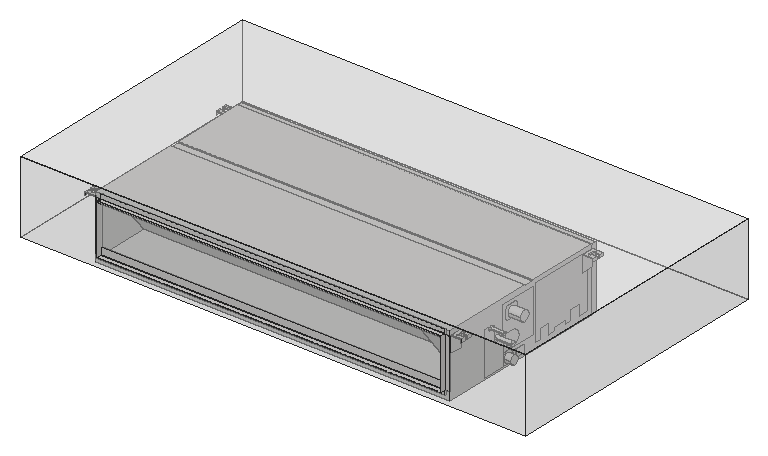
Revit family "outputfile", category 機械設備, Revit 2024
Family settings
  丸型コネクタ寸法 = 半径を使用
  パーツ タイプ = 標準
  OmniClass 番号 = 23.75.10.24.21.27.27
  OmniClass タイトル = Split System Air Conditioning Units
  作業面ベース = いいえ
  常に垂直 = はい
  ロード時にボイドで切り取り = いいえ
  注釈の向きを維持 = いいえ
  共有 = いいえ
  部屋計算ポイント = はい
Parameters (values of type "FBFC140AXVA")
  Description = ""
  書き出し IFC クラス(タイプ) = "IfcUnitaryEquipmentType"
  定義済み IFC タイプ(タイプ) = "AIRCONDITIONINGUNIT"
  Cost = 0
  Type Comments = ""
  Keynote = ""
  Type Image = (empty or 0)
  Assembly Code = ""
  switch_frequency = yes
  connector_voltage = Voltage_60Hz  # 0 V
  connector_powerinput = [Power Input (Cooling)]  # 0.000 kW
  connector_phase = Phase_60Hz  # 1
  URL = ""
  Supply Air Direction [instance] = yes
  製造元 = "Daikin"
  モデル = "FBFC140AXVA"
  w_pipe = 33 mm
  r_Liquid Pipe Size = Liquid Pipe Size / 2  # 4.75 mm
  r_Gas Pipe Size = Gas Pipe Size / 2  # 7.95 mm
  r_Drain Pipe Size = Drain Pipe Size / 2  # 16.0 mm
  lw_powersupply = Width / 2  # 700 mm
  lw_ductflange2 = 1362 mm
  lw_Width = 1362 mm
  lh_suctionflange [instance] = 100 mm
  ld_suctionflange [instance] = 190 mm
  ld_powersupply = 263 mm
  angle_vertical_RA [instance] = 90.00°
  angle horizontal_RA [instance] = 180.00°
  Voltage_comment_60Hz = "220 - 240"
  Voltage_60Hz = 0 V
  Sound Power Level_H speed (dB) = 0
  RA_length = 190 mm  # constant formula
  Phase_60Hz = 1
  Minimum External Static Pressure = 27.00 Pa
  Minimum Circuit Amps_60Hz = 0.0 A
  Maximum Fuse Amps_60Hz = 0.0 A
  Maximum External Static Pressure = 80.00 Pa
  Material_Casing = DAIKIN_GalvanizedSteel_Casing_indoorunit
  lw_liquidpipe = 757.9 mm
  lw_gaspipe = 767.5 mm
  lw_mountinghole_pitch = 1446 mm
  lw_mountinghole = 20 mm
  lw_drainpipe = 726 mm
  lh_powersupply = 43.2 mm
  lh_liquidpipe = 175 mm
  lh_gaspipe = 128 mm
  lh_mountinghole = Height + [h***] - 15 mm  # 235 mm
  lh_drainpipe = 29 mm
  lh_antena = (Height - lh_mountinghole) + 1 mm  # 16 mm
  ld_liquidpipe = 153 mm
  ld_gaspipe = 123 mm
  ld_mountinghole_pitch = 651 mm
  ld_drainpipe = 64 mm
  ld_controlbox = 626 mm
  h*** = 0 mm  # constant formula
  d_dischargeflange = 20 mm  # constant formula
  Width = 1400 mm
  Version = "ver.1.0"
  Unit Type = "M.S.P. Duct"
  Unit Mass Weight = 42.00 kg
  Unit Designation [instance] = ""
  Uniclass2015Version = "Products v1.30"
  Uniclass2015Title = "Split coil room air conditioning units"
  Uniclass2015Code = "Pr_70_65_03_86"
  Total Cooling Capacity [instance] = 0.000 kW
  Sound Pressure Level_M speed (dBA) = 39
  Sound Pressure Level_L speed (dBA) = 36
  Sound Pressure Level_H speed (dBA) = 42
  Series = "SkyAir_Fan Coil Unit"
  Sensible Cooling Capacity [instance] = 0.000 kW
  SA Duct Size Width = 1362 mm
  SA Duct Size Height = 200 mm
  Refrigerant Type = "R32"
  RA Duct Size Width = 1362 mm
  RA Duct Size Height = 214 mm
  Power Input (Cooling) = 0.000 kW
  Option Accessory 3 [instance] = ""
  Option Accessory 2 [instance] = ""
  Option Accessory 1 [instance] = ""
  Nominal Cooling Capacity = 14.000 kW
  Minimum Airflow = 1570.00 m³/h
  Median Airflow = 1870.00 m³/h
  Maximum Airflow = 2150.00 m³/h
  Load Classification = HVAC
  Liquid Pipe Size = 9.5 mm
  Link_Nested Family [instance] = ""
  IfcVersion = ""
  IfcExportType = "AIRCONDITIONINGUNIT"
  IfcExportAs = "IfcUnitaryEquipmentType"
  Height = 250 mm
  Heat Exchanger Type = "Cross Fin Coil"
  Gas Pipe Size = 15.9 mm
  Frequency_60Hz = 60 Hz
  Fan Type = "Sirocco Fan"
  Fan Drive = "Direct Drive"
  FCU Tag No. [instance] = ""
  Drain Pipe Size = 32.0 mm
  Design Supply Airflow [instance] = 0.00 m³/h
  Design Return Airflow [instance] = 0.00 m³/h
  Design External Static Pressure [instance] = 0.00 Pa
  Depth = 700 mm
  既定の高さ = 0 mm
  Cooling Entering Wet Bulb Temperature [instance] = 0.00 °C
  Cooling Entering Dry Bulb Temperature [instance] = 0.00 °C
  Cooling Ambient Wet Bulb Temperature [instance] = 0.00 °C
  Cooling Ambient Dry Bulb Temperature [instance] = 0.00 °C
  Clearance visibility [instance] = yes
  Clearance Top = 20 mm
  Clearance Right = 300 mm
  Clearance Rear = 400 mm
  Clearance Left = 300 mm
  Clearance Front = 0 mm
  Clearance Bottom = 20 mm
Reference planes
  plane 1 "Center (Front/Back)": y = 0
  plane 2: z = 0
  plane 3 "Center (Left/Right)": x = 0
  plane 4 "Back": y = 350
  plane 5 "Front": y = -350
  plane 6 "Left": x = -700
  plane 7 "Right": x = 700
  plane 8 "Top": z = 0
  plane 9 "Bottom": z = -250
  plane 10: x = 681
  plane 11: x = -680.2
  plane 12: z = -72
  plane 13: z = -75
  plane 14: z = -122
  plane 15: x = -304
  plane 16: x = 304
  plane 17: x = -723
  plane 18: x = 723
  plane 19: x = 757.9
  plane 20: x = 767.5
  plane 21: z = -15
  plane 22 "Clearance Left": x = -1000
  plane 23 "Clearance Right": x = 1000
  plane 24 "Clearance Rear": y = 750
  plane 25 "Clearance Front": y = -350
  plane 26 "Clearance Bottom": z = -270
  plane 27: z = -21
  plane 28: z = -221
  plane 29: y = -123
  plane 30: y = -153
  plane 31: y = -30
  plane 32: y = -64
  plane 33: z = -118
  plane 34: y = -349.2
  plane 35: z = -150
  plane 36: y = 160
  plane 37: z = -151
  plane 38: x = 726
  plane 39: x = 695
  plane 40: x = 565.5
  plane 41: z = 102.5
  plane 42: y = 325.5
  plane 43: y = -325.5
  plane 44: y = 17.5
  plane 45: y = 57
  plane 46: x = 703.2
  plane 47: x = 705.2
  plane 48: y = -370
  plane 49: y = 390
  plane 50: z = -125
  plane 51: z = -70.5
  plane 52: z = -75.133
  plane 53: z = -75.5
  plane 54: z = -126.5
  plane 55: z = -239.8
  plane 56: z = -22.5
  plane 57: z = -192.5
  plane 58: z = -16
  plane 59 "Clearance Top": z = 20
  plane 60: z = -206.8
  plane 61: y = 263
  plane 62: y = -200
  plane 63: y = -300
  plane 64: y = -140
Forms (mm)
  Extrusion 1, solid, material "DAIKIN_GalvanizedSteel_Casing_indoorunit" <- "Material_Casing"
    sketch origin (0, 0, 0) x (1, 0, 0) y (0, 1, 0)
      loop
        line (-700, -349.2) -> (700, -349.2) -> (700, 350) -> (-700, 350) -> (-700, -349.2)
    from -250 to 0
  Extrusion 2, void
    sketch origin (0, 0, 1) x (1, 0, 0) y (0, 1, 0)
      loop
        line (-700, 57) -> (-700, 17.5) -> (700, 17.5) -> (700, 57) -> (-700, 57)
    from -1 to -5
  Extrusion 3, void
    sketch origin (0, 0, 0) x (0, 1, 0) y (0, 0, 1)
      loop
        line (-91.914, -222) -> (-91.914, -246.5) -> (-36.314, -246.5) -> (-36.314, -219.481)
        arc (-36.314, -219.481) -> (-65.261, -194.229) -> (-91.8, -222) r 27.8
    from 700 to 695
  Revolve 4, solid, material "DAIKIN_GalvanizedSteel_Casing_indoorunit" <- "Material_Casing"
    sketch origin (0, 0, -122) x (0, -1, 0) y (1, 0, 0)
      loop
        line (115.05, 700) -> (123, 700) -> (123, 767.5) -> (115.05, 767.5) -> (115.05, 700)
      axis (123, 700) -> (123, 767.5)
    angle from 0 to 360
  Revolve 5, solid, material "DAIKIN_GalvanizedSteel_Casing_indoorunit" <- "Material_Casing"
    sketch origin (0, 0, -75) x (0, -1, 0) y (1, 0, 0)
      loop
        line (153, 700) -> (153, 757.9) -> (148.25, 757.9) -> (148.25, 700) -> (153, 700)
      axis (153, 757.9) -> (153, 700)
    angle from 0 to 360
  Extrusion 6, solid, material "DAIKIN_GalvanizedSteel_Casing_indoorunit" <- "Material_Casing"
    sketch origin (0, 0, 0) x (0, 1, 0) y (0, 0, 1)
      loop
        circle (-64, -221) r 16
    from 726 to 700
  Extrusion 7, solid, material "DAIKIN_GalvanizedSteel_Casing_indoorunit" <- "Material_Casing"
    sketch origin (0, 0, 0) x (0, 1, 0) y (0, 0, 1)
      loop
        line (-180, -70.5) -> (-180, -239.8) -> (-95, -239.8) -> (-95, -126.5) -> (-107, -126.5)
        arc (-107, -126.5) -> (-121.5, -141) -> (-136, -126.5) r 14.5
        line (-136, -126.5) -> (-136, -75.5) -> (-141.006, -75.5)
        arc (-141.006, -75.5) -> (-153.184, -87.131) -> (-165, -75.133) r 12
        line (-165, -75.133) -> (-165, -70.5) -> (-180, -70.5)
      loop
        line (-92, -22.5) -> (-92, -192.5) -> (54, -192.5) -> (54, -22.5) -> (-92, -22.5)
      loop
        line (71, -16) -> (71, -224.802) -> (87.805, -224.802) -> (87.805, -184.607) -> (134.195, -184.606) -> (134.195, -224.802) -> (161, -224.802) -> (161, -212.302) -> (221, -212.303) -> (221, -224.802) -> (239.805, -224.802) -> (239.805, -184.606) -> (286.195, -184.606) -> (286.195, -224.802) -> (321.994, -224.802) -> (321.994, -82) -> (298.5, -82) -> (298.5, -16) -> (71, -16)
    from 700 to 703.2
  Extrusion 8, solid, material "DAIKIN_GalvanizedSteel_Casing_indoorunit" <- "Material_Casing"
    sketch origin (0, 0, 0) x (0, 1, 0) y (0, 0, 1)
      loop
        line (-27.5, -74.5) -> (-27.5, -41.5)
        arc (-27.5, -41.5) -> (-30.136, -35.136) -> (-36.5, -32.5) r 9
        line (-36.5, -32.5) -> (-69.5, -32.5)
        arc (-69.5, -32.5) -> (-75.864, -35.136) -> (-78.5, -41.5) r 9
        line (-78.5, -41.5) -> (-78.5, -74.5)
        arc (-78.5, -74.5) -> (-75.864, -80.864) -> (-69.5, -83.5) r 9
        line (-69.5, -83.5) -> (-36.5, -83.5)
        arc (-36.5, -83.5) -> (-30.136, -80.864) -> (-27.5, -74.5) r 9
      loop
        arc (8, -234.5) -> (9.415, -233.914) -> (10.001, -232.499) r 2.001
        line (10.001, -232.499) -> (9.997, -206.503)
        arc (9.997, -206.503) -> (9.412, -205.091) -> (8, -204.506) r 1.997
        line (8, -204.506) -> (-25.997, -204.506)
        arc (-25.997, -204.506) -> (-27.415, -205.094) -> (-28.002, -206.511) r 2.005
        line (-28.002, -206.511) -> (-28.002, -232.499)
        arc (-28.002, -232.499) -> (-27.416, -233.914) -> (-26.001, -234.5) r 2.001
        line (-26.001, -234.5) -> (8, -234.5)
      loop
        arc (-77.358, -152.358) -> (-25.548, -177.591) -> (-59.394, -130.95) r 29.7
        arc (-59.394, -130.95) -> (-62.843, -131.688) -> (-66.339, -131.219) r 10.3
        line (-66.339, -131.219) -> (-72.946, -129.136)
        arc (-72.946, -129.136) -> (-80.627, -131.374) -> (-81.498, -139.327) r 7.2
        line (-81.498, -139.327) -> (-78.299, -145.472)
        arc (-78.299, -145.472) -> (-77.23, -148.833) -> (-77.358, -152.358) r 10.3
    from 700 to 705.2
  Extrusion 9, solid, material "DAIKIN_GalvanizedSteel_Casing_indoorunit" <- "Material_Casing"
    sketch origin (0, 0, 0) x (0, 1, 0) y (0, 0, 1)
      loop
        circle (-53, -58) r 18.9
    from 700 to 757.9
  Extrusion 10, void
    sketch origin (0, 0, 0) x (0, 1, 0) y (0, 0, 1)
      loop
        line (-350, -18.8) -> (-350, -217.2) -> (-200, -217.2) -> (-349.2, -18.8) -> (-350, -18.8)
    from -680.2 to 681
  Extrusion 11, void
    sketch origin (0, 0, 0) x (0, 1, 0) y (0, 0, 1)
      loop
        line (-350, -18.8) -> (-350, -217.2) -> (-140, -217.2) -> (-300, -18.8) -> (-350, -18.8)
    from -680.2 to 565.5
Cuts and joins
  Extrusion 2, Extrusion 3, Extrusion 10, Extrusion 11 cuts Extrusion 1
  joined: Extrusion 7, Extrusion 8, Extrusion 9
Dimensions and locks
  "Height": plane 8 "Top" to plane 9 "Bottom"
  equal spacing: plane 15, plane 3 "Center (Left/Right)", plane 16, locked at 304 each
  locked: plane 15 to plane 16 at 608
  equal spacing: plane 17, plane 3 "Center (Left/Right)", plane 18
  "lw_mountinghole_pitch": plane 17 to plane 18
  locked: plane 12 to plane 9 "Bottom" at 178
  "lh_liquidpipe": plane 13 to plane 9 "Bottom"
  "lh_gaspipe": plane 14 to plane 9 "Bottom"
  "lh_mountinghole": plane 21 to plane 9 "Bottom"
  equal spacing: plane 6 "Left", plane 3 "Center (Left/Right)", plane 7 "Right"
  "Width": plane 6 "Left" to plane 7 "Right"
  "Clearance Right": plane 7 "Right" to plane 23 "Clearance Right"
  "Clearance Left": plane 22 "Clearance Left" to plane 6 "Left"
  "Clearance Rear": plane 24 "Clearance Rear" to plane 4 "Back"
  "Clearance Front": plane 5 "Front" to plane 25 "Clearance Front"
  locked: plane 8 "Top" to plane 27 at 21
  "Depth": plane 4 "Back" to plane 5 "Front"
  equal spacing: plane 4 "Back", plane 1 "Center (Front/Back)", plane 5 "Front"
  "ld_suctionflange": plane 4 "Back" to plane 36
  locked: plane 37 to plane 9 "Bottom" at 99
  plane 7 "Right" to plane 40 = 134.5 mm
  "r_Gas Pipe Size": nested 6 to Revolve 4 sketch curve
  "r_Liquid Pipe Size": nested 5 to Revolve 5 sketch curve
  equal spacing: plane 42, plane 1 "Center (Front/Back)", plane 43
  "ld_mountinghole_pitch": plane 42 to plane 43
  locked: plane 33 to plane 9 "Bottom" at 132
  "lw_liquidpipe": plane 3 "Center (Left/Right)" to plane 19
  "lw_gaspipe": plane 3 "Center (Left/Right)" to plane 20
  "lw_drainpipe": plane 3 "Center (Left/Right)" to plane 38
  "ld_drainpipe": plane 32 to plane 1 "Center (Front/Back)"
  "ld_gaspipe": plane 29 to plane 1 "Center (Front/Back)"
  "ld_liquidpipe": plane 30 to plane 1 "Center (Front/Back)"
  "lh_drainpipe": plane 28 to plane 9 "Bottom"
  locked: plane 7 "Right" to plane 46 at 3.2
  locked: plane 46 to plane 47 at 2
  equal spacing: plane 8 "Top", plane 50, plane 9 "Bottom"
  plane 51 to plane 52 to plane 53 to plane 54 to plane 55 = 4.633 mm locked, 0.367 mm locked, 51 mm locked, 113.3 mm locked
  plane 8 "Top" to plane 56 to plane 57 = 22.5 mm locked, 170 mm locked
  locked: plane 8 "Top" to plane 58 at 16
  locked: plane 40 to plane 10 at 115.5
  locked: plane 17 to plane 11 at 42.8
  locked: plane 39 to plane 7 "Right" at 5
  "Clearance Top": plane 59 "Clearance Top" to plane 8 "Top"
  "Clearance Bottom": plane 9 "Bottom" to plane 26 "Clearance Bottom"
  "lh_powersupply": plane 60 to plane 9 "Bottom"
  "ld_powersupply": plane 61 to plane 1 "Center (Front/Back)"
  locked: plane 34 to plane 5 "Front" at 0.8
  locked: plane 5 "Front" to plane 48 at 20
  locked: plane 5 "Front" to plane 62 at 150
  plane 5 "Front" to plane 63 to plane 64 = 50 mm locked, 160 mm locked
  "r_Drain Pipe Size": radius of Extrusion 6 sketch curve
  aligned and locked: level to plane 2
  aligned and locked: Extrusion 1 to plane 9 "Bottom"
  aligned and locked: plane 8 "Top" to Extrusion 1
  aligned and locked: Revolve 4 sketch curve to Revolve 4 sketch curve
  aligned and locked: plane 19 to nested 5
  aligned and locked: nested 5 to plane 13
  aligned and locked: plane 18 to nested 2
  aligned and locked: plane 17 to nested 3
  aligned and locked: plane 17 to nested 4
  aligned and locked: nested 6 to plane 14
  aligned and locked: plane 29 to nested 6
  aligned and locked: plane 30 to nested 5
  aligned and locked: Extrusion 6 sketch curve to plane 32
  aligned and locked: plane 8 "Top" to Extrusion 2
  aligned and locked: plane 24 "Clearance Rear" to nested 11
  aligned and locked: plane 23 "Clearance Right" to nested 11
  aligned and locked: plane 22 "Clearance Left" to nested 11
  aligned and locked: nested 11 to plane 25 "Clearance Front"
  aligned and locked: plane 7 "Right" to cut or joined group of Extrusion 1, Extrusion 2, Extrusion 3, Extrusion 10, Extrusion 11  (x3)
  aligned and locked: cut or joined group of Extrusion 1, Extrusion 2, Extrusion 3, Extrusion 10, Extrusion 11 to plane 39
  aligned and locked: plane 38 to Extrusion 6
  aligned and locked: plane 20 to nested 6
  aligned and locked: plane 3 "Center (Left/Right)" to nested 12
  aligned and locked: plane 18 to nested 1
  aligned and locked: plane 32 to nested 7
  aligned and locked: nested 7 to plane 28
  aligned and locked: plane 38 to nested 7
  aligned and locked: nested 9 to plane 1 "Center (Front/Back)"
  aligned and locked: plane 3 "Center (Left/Right)" to nested 9
  aligned and locked: plane 33 to nested 8
  aligned and locked: level to plane 8 "Top"
  aligned and locked: plane 42 to nested 1
  aligned and locked: plane 43 to nested 2
  aligned and locked: nested 4 to plane 42
  aligned and locked: nested 3 to plane 43
  aligned and locked: nested 12 to plane 21
  aligned and locked: cut or joined group of Extrusion 1, Extrusion 2, Extrusion 3, Extrusion 10, Extrusion 11 to plane 34
  aligned and locked: nested 13 to plane 33
  aligned and locked: Extrusion 2 sketch curve to plane 6 "Left"
  aligned and locked: plane 7 "Right" to Extrusion 2 sketch curve
  aligned and locked: plane 44 to Extrusion 2 sketch curve
  aligned and locked: plane 45 to Extrusion 2 sketch curve
  aligned and locked: plane 3 "Center (Left/Right)" to nested 10
  aligned and locked: nested 10 to plane 4 "Back"
  aligned and locked: plane 46 to Extrusion 7
  aligned and locked: Extrusion 7 to plane 7 "Right"
  aligned and locked: Extrusion 8 to plane 7 "Right"
  aligned and locked: plane 47 to Extrusion 8
  aligned and locked: plane 19 to Extrusion 9
  aligned and locked: Extrusion 9 to plane 7 "Right"
  aligned and locked: nested 8 to plane 48
  aligned and locked: plane 49 to nested 14
  aligned and locked: nested 14 to plane 3 "Center (Left/Right)"
  aligned and locked: nested 14 to plane 50
  aligned and locked: plane 54 to Extrusion 7 sketch curve  (x2)
  aligned and locked: plane 52 to Extrusion 7 sketch curve
  aligned and locked: plane 56 to Extrusion 7 sketch curve
  aligned and locked: plane 57 to Extrusion 7 sketch curve
  aligned and locked: plane 58 to Extrusion 7 sketch curve
  aligned and locked: plane 3 "Center (Left/Right)" to nested 13
  aligned and locked: plane 59 "Clearance Top" to nested 11
  aligned and locked: nested 11 to plane 26 "Clearance Bottom"
  aligned and locked: plane 7 "Right" to nested 15
  aligned and locked: nested 15 to plane 60
  aligned and locked: plane 34 to nested 13
  aligned and locked: plane 5 "Front" to Extrusion 10 sketch curve
  aligned and locked: cut or joined group of Extrusion 1, Extrusion 2, Extrusion 3, Extrusion 10, Extrusion 11 to plane 11  (x2)
  aligned and locked: plane 10 to cut or joined group of Extrusion 1, Extrusion 2, Extrusion 3, Extrusion 10, Extrusion 11
  aligned and locked: Extrusion 11 sketch curve to plane 5 "Front"
  aligned and locked: plane 63 to Extrusion 11 sketch curve
  aligned and locked: plane 64 to Extrusion 11 sketch curve
  aligned and locked: cut or joined group of Extrusion 1, Extrusion 2, Extrusion 3, Extrusion 10, Extrusion 11 to plane 40
  aligned and locked: Extrusion 6 to plane 7 "Right"
  aligned and locked: Revolve 4 to plane 7 "Right"
  aligned and locked: Revolve 5 to plane 7 "Right"
Automatic sketch dimensions
  Extrusion 1 sketch curve to plane 4 "Back" = 0 mm
  Extrusion 1 sketch curve to plane 6 "Left" = 0 mm
  Extrusion 1 sketch curve to plane 7 "Right" = 0 mm
  plane 34 to Extrusion 1 sketch curve = 0 mm
  Extrusion 6 sketch curve to plane 28 = 0 mm
  Revolve 4 sketch curve to plane 20 = 0 mm
  Revolve 4 sketch curve to plane 29 = 0 mm
  Revolve 4 sketch curve to Revolve 4 sketch curve = 2.003 mm
  plane 20 to Revolve 4 sketch curve = 1.003 mm
  Revolve 5 sketch curve to plane 30 = 0 mm  (x2)
  Revolve 5 sketch curve to plane 19 = 0 mm  (x2)
  Revolve 5 sketch curve to plane 7 "Right" = 0 mm
  Revolve 5 sketch curve to Revolve 5 sketch curve = 1 mm
  Revolve 4 sketch curve to plane 7 "Right" = 0 mm
  plane 9 "Bottom" to Extrusion 3 sketch curve = 3.5 mm
  Extrusion 3 sketch curve to plane 31 = 6.314 mm
  Extrusion 3 sketch curve to plane 28 = 1 mm  (x2)
  plane 32 to Extrusion 3 sketch curve = 0 mm
  Extrusion 3 sketch curve to Extrusion 3 sketch curve = 0.114 mm
  Extrusion 8 sketch curve to plane 32 = 14.5 mm
  plane 13 to Extrusion 8 sketch curve = 0.5 mm  (x2)
  Extrusion 8 sketch curve to plane 32 = 5.5 mm  (x2)
  Extrusion 8 sketch curve to plane 31 = 6.5 mm  (x2)
  Extrusion 8 sketch curve to plane 27 = 20.5 mm
  plane 31 to Extrusion 8 sketch curve = 1.998 mm
  Extrusion 8 sketch curve to Extrusion 8 sketch curve = 2.001 mm  (x2)
  Extrusion 8 sketch curve to Extrusion 8 sketch curve = 2.005 mm
  Extrusion 8 sketch curve to plane 1 "Center (Front/Back)" = 8 mm  (x2)
  plane 28 to Extrusion 8 sketch curve = 16.494 mm
  Extrusion 8 sketch curve to Extrusion 8 sketch curve = 1.994 mm
  Extrusion 8 sketch curve to Extrusion 8 sketch curve = 1.997 mm
  Extrusion 8 sketch curve to plane 32 = 17.498 mm
  Extrusion 8 sketch curve to plane 35 = 0.228 mm
  Extrusion 8 sketch curve to Extrusion 8 sketch curve = 5.937 mm
  plane 35 to Extrusion 8 sketch curve = 4.528 mm
  Extrusion 8 sketch curve to Extrusion 8 sketch curve = 3.199 mm
  Extrusion 8 sketch curve to Extrusion 8 sketch curve = 6.386 mm
  Extrusion 8 sketch curve to plane 14 = 7.136 mm
  Extrusion 8 sketch curve to Extrusion 8 sketch curve = 2.165 mm
  Extrusion 8 sketch curve to plane 32 = 2.339 mm
  plane 32 to Extrusion 8 sketch curve = 0.758 mm
  Extrusion 8 sketch curve to plane 37 = 7.5 mm
  plane 32 to Extrusion 8 sketch curve = 15.7 mm
  Extrusion 8 sketch curve to Extrusion 8 sketch curve = 6.145 mm
  Extrusion 8 sketch curve to Extrusion 8 sketch curve = 2.083 mm
  plane 14 to Extrusion 8 sketch curve = 0.604 mm
  Extrusion 8 sketch curve to Extrusion 8 sketch curve = 0 mm
  plane 32 to Extrusion 9 sketch curve = 11 mm
  plane 12 to Extrusion 9 sketch curve = 14 mm
  Extrusion 7 sketch curve to plane 30 = 0 mm
  Extrusion 7 sketch curve to plane 30 = 27 mm
  Extrusion 7 sketch curve to plane 13 = 0.5 mm
  Extrusion 7 sketch curve to Extrusion 7 sketch curve = 5.006 mm
  plane 12 to Extrusion 7 sketch curve = 1.5 mm
  Extrusion 7 sketch curve to Extrusion 7 sketch curve = 12 mm
  Extrusion 7 sketch curve to plane 30 = 12 mm
  plane 29 to Extrusion 7 sketch curve = 1.5 mm
  Extrusion 7 sketch curve to plane 32 = 28 mm
  Extrusion 7 sketch curve to Extrusion 7 sketch curve = 17 mm
  Extrusion 7 sketch curve to plane 28 = 3.802 mm  (x8)
  Extrusion 7 sketch curve to plane 42 = 27 mm
  Extrusion 7 sketch curve to plane 42 = 3.506 mm  (x2)
  Extrusion 7 sketch curve to plane 53 = 6.5 mm
  plane 57 to Extrusion 7 sketch curve = 7.893 mm
  Extrusion 7 sketch curve to Extrusion 7 sketch curve = 0 mm  (x2)
  plane 57 to Extrusion 7 sketch curve = 7.894 mm  (x2)
  plane 36 to Extrusion 7 sketch curve = 1 mm  (x2)
  plane 28 to Extrusion 7 sketch curve = 8.697 mm
  Extrusion 3 sketch curve to Extrusion 3 sketch curve = 27.914 mm
  Extrusion 7 sketch curve to plane 55 = 0 mm
  Extrusion 8 sketch curve to plane 28 = 11.499 mm
  Extrusion 7 sketch curve to Extrusion 7 sketch curve = 60 mm
  Extrusion 10 sketch curve to plane 34 = 0 mm
  plane 28 to Extrusion 10 sketch curve = 3.8 mm
  plane 27 to Extrusion 10 sketch curve = 2.2 mm
  Extrusion 10 sketch curve to plane 30 = 47 mm
  plane 28 to Extrusion 11 sketch curve = 3.8 mm
  plane 27 to Extrusion 11 sketch curve = 2.2 mm
  radius of Extrusion 9 sketch curve = 18.9 mm
Nested families
  nested 1: "daikin_mountinghole" at (723, 325.5, -250), l_antenna <- "lh_antena", Link_Nested Family <- "Link_Nested Family", h_mountinghole <- "lh_mountinghole", type "daikin_mountinghole"
    with show yes, l_antenna 16 mm, h_mountinghole 235 mm, Link_Nested Family ""
  nested 2: "daikin_mountinghole" at (723, -325.5, -250), Link_Nested Family <- "Link_Nested Family", l_antenna <- "lh_antena", h_mountinghole <- "lh_mountinghole", type "daikin_mountinghole"
    with show yes, l_antenna 16 mm, h_mountinghole 235 mm, Link_Nested Family ""
  nested 3: "daikin_mountinghole" at (-723, -325.5, -250), l_antenna <- "lh_antena", Link_Nested Family <- "Link_Nested Family", h_mountinghole <- "lh_mountinghole", type "daikin_mountinghole"
    with show yes, l_antenna 16 mm, h_mountinghole 235 mm, Link_Nested Family ""
  nested 4: "daikin_mountinghole" at (-723, 325.5, -250), l_antenna <- "lh_antena", Link_Nested Family <- "Link_Nested Family", h_mountinghole <- "lh_mountinghole", type "daikin_mountinghole"
    with show yes, l_antenna 16 mm, h_mountinghole 235 mm, Link_Nested Family ""
  nested 5: "daikin_connector_rotate2" at (0, -153, -75) x (0, 1, 0) z (0, 0, 1), length <- "lw_liquidpipe", built-in parameter 1001364 <- "lh_liquidpipe", radius <- "r_Liquid Pipe Size", type "daikin_connector_rotate2"
    with radius 4.75 mm, length 757.9 mm, angle_vertical 90.00°
  nested 6: "daikin_connector_rotate2" at (0, -123, -122) x (0, 1, 0) z (0, 0, 1), length <- "lw_gaspipe", built-in parameter 1001364 <- "lh_gaspipe", radius <- "r_Gas Pipe Size", type "daikin_connector_rotate2"
    with radius 7.95 mm, length 767.5 mm, angle_vertical 90.00°
  nested 7: "daikin_connector_rotate2" at (0, -64, -221) x (0, 1, 0) z (0, 0, 1), built-in parameter 1001364 <- "lh_drainpipe", length <- "lw_drainpipe", radius <- "r_Drain Pipe Size", type "daikin_connector_rotate2"
    with radius 16 mm, length 726 mm, angle_vertical 90.00°
  nested 8: "daikin_connector_rotate2" at (0, -350, -118), length <- "d_dischargeflange", type "daikin_connector_rotate2"
    with radius 10 mm, length 20 mm, angle_vertical 90.00°
  nested 9: "daikin_△_symbolicline" at (-75, -129.904, 250) x (-0.5, 0.866, 0) z (0, 0, 1), built-in parameter 1001364 <- "Height", visible <- "Supply Air Direction", type "daikin_△_symbolicline"
    with length 300 mm
  nested 10: "daikin_ductflange_FBFC-AXVA_1" at (0, 350, -125), material <- "Material_Casing", width <- "lw_ductflange2", type "daikin_ductflange_FBFC-AXVA_1"
    with width 1362 mm, material DAIKIN_GalvanizedSteel_Casing_indoorunit, height 214 mm, depth 40 mm
  nested 11: "daikin_clearancespace" at (0, 200, -124.881), visible <- "Clearance visibility", show <- "Clearance visibility", Link_Nested Family <- "Link_Nested Family", type "daikin_clearancespace"
    with width 2000 mm, show yes, height 290 mm, depth 1100 mm, Link_Nested Family ""
  nested 12: "daikin_hangerfixture_FBFC-AXVA" at (0, 0, -15), type "daikin_hangerfixture_FBFC-AXVA"
    with width 1400 mm
  nested 13: "daikin_ductflange_FBFC-AXVA" at (0, -35.7, -407.401), width <- "lw_Width", material <- "Material_Casing", type "daikin_ductflange_FBFC-AXVA"
    with width 1362 mm, material DAIKIN_GalvanizedSteel_Casing_indoorunit, height 200 mm, depth 20.8 mm
  nested 14: "daikin_connector_rotate2" at (0, 350, -125) x (-1, 0, 0) z (0, 0, 1), type "daikin_connector_rotate2"
    with radius 10 mm, length 40 mm, angle_vertical 90.00°
  nested 15: "daikin_connector_rotate2" at (0, 263, -206.8) x (0, 1, 0) z (0, 0, 1), length <- "lw_powersupply", built-in parameter 1001364 <- "lh_powersupply", type "daikin_connector_rotate2"
    with radius 10 mm, length 700 mm, angle_vertical 90.00°
Connectors
  piping at (767.5, -123, -122), diameter 15.9, driven by "r_Gas Pipe Size"
    settings: on nested 6, index 1, connector inside diameter 609.6 mm, connector length 0 mm, flow factor 0, pipe flow 0.00 m³/h, pressure drop 0.0 Pa, fitting loss kfactor 0, connector angle 0.00°, fixture units 0, engagement length 0 mm, angle of deflection 0.00°, flow configuration 1, flow direction 2, fitting loss method 0, system type 29, joint type 0, gender type 0, connector reference index -1, connector utility 0, adjustable connector no, is connector primary yes, connector description "Refrigerant Gas Piping"
  piping at (757.9, -153, -75), diameter 9.5, driven by "r_Liquid Pipe Size"
    settings: on nested 5, index 2, connector inside diameter 609.6 mm, connector length 0 mm, flow factor 0, pipe flow 0.00 m³/h, pressure drop 0.0 Pa, fitting loss kfactor 0, connector angle 0.00°, fixture units 0, engagement length 0 mm, angle of deflection 0.00°, flow configuration 1, flow direction 1, fitting loss method 0, system type 29, joint type 0, gender type 0, connector reference index -1, connector utility 0, adjustable connector no, is connector primary no, connector description "Refrigerant Liquid Piping"
  piping at (726, -64, -221), diameter 32, driven by "r_Drain Pipe Size"
    settings: on nested 7, index 3, connector inside diameter 609.6 mm, connector length 0 mm, flow factor 0, pipe flow 0.00 m³/h, pressure drop 0.0 Pa, fitting loss kfactor 0, connector angle 0.00°, fixture units 0, engagement length 0 mm, angle of deflection 0.00°, flow configuration 1, flow direction 2, fitting loss method 4, system type 16, joint type 0, gender type 0, connector reference index -1, connector utility 0, adjustable connector no, is connector primary no, connector description "Condensate Drain Piping"
  hvac at (0, -370, -118), driven by "SA Duct Size Height", driven by "SA Duct Size Width"
    settings: on nested 8, index 7, duct flow 0.00 m³/h, flow factor 0, pres drop 0.00 Pa, loss coef 0, conn angle 0.00°, conn width 1362.0 mm, conn height 200.0 mm, conn diameter 609.6 mm, duct sys type 1, conn prof type 1, flow config 0, flow direction 2, loss method 4, conn ref index -1, conn util no, is conn primary yes, conn desc "SA Duct"
  hvac at (0, 390, -125), driven by "RA Duct Size Width", driven by "RA Duct Size Height"
    settings: on nested 14, index 8, duct flow 0.00 m³/h, flow factor 0, pres drop 0.00 Pa, loss coef 0, conn angle 0.00°, conn width 1362.0 mm, conn height 214.0 mm, conn diameter 609.6 mm, duct sys type 2, conn prof type 1, flow config 0, flow direction 1, loss method 4, conn ref index -1, conn util no, is conn primary no, conn desc "RA Duct"
  electrical at (700, 263, -206.8), driven by "Load Classification", driven by "connector_phase", driven by "connector_powerinput", driven by "connector_voltage"
    settings: on nested 15, index 9, voltage 0 V, apparent load 0 VA, apparent load phase1 0 VA, apparent load phase2 0 VA, apparent load phase3 0 VA, power factor 1, load classification "HVAC", number of poles 1, system type 30, power factor state 1, is connector primary yes, connector utility no, sub classification motor no, connector description "Power Supply"
Definition of nested family "daikin_ductflange_FBFC-AXVA_1"
  Parameters (values of type "daikin_ductflange_FXDQ-NDVET2")
    width [instance] = 662 mm
    material [instance] = none
    height [instance] = 214 mm
    depth [instance] = 40 mm
    Default Elevation = 0 mm
  Reference planes
    plane 1 "Center (Front/Back)": y = 0
    plane 2: z = 0
    plane 3 "Center (Left/Right)": x = 0
    plane 4: x = -331
    plane 5: x = 331
    plane 6: z = 107
    plane 7: z = -107
    plane 8: x = -350
    plane 9: x = 350
    plane 10: z = 124
    plane 11: z = -124
    plane 12: y = 20
    plane 13: x = -330.2
    plane 14: x = 330.2
    plane 15: z = 106.2
    plane 16: z = -106.2
    plane 17: y = 40
    plane 18: x = -330.2
    plane 19: z = 106.2
    plane 20: z = -106.2
    plane 21: x = 330.2
  Forms (mm)
    Extrusion 1, solid, material <- "material"
      sketch origin (0, 0, 0) x (1, 0, 0) y (0, 0, 1)
        loop
          line (-330.2, 106.2) -> (-330.2, -106.2) -> (330.2, -106.2) -> (330.2, 106.2) -> (-330.2, 106.2)
        loop
          line (-350, 124) -> (-350, -124) -> (350, -124) -> (350, 124) -> (-350, 124)
      from 0 to -20
    Extrusion 2, solid, material <- "material"
      sketch origin (0, 0, 0) x (1, 0, 0) y (0, 0, 1)
        loop
          line (-331, 107) -> (-331, -107) -> (331, -107) -> (331, 107) -> (-331, 107)
        loop
          line (-330.2, 106.2) -> (-330.2, -106.2) -> (330.2, -106.2) -> (330.2, 106.2) -> (-330.2, 106.2)
      from -40 to -20
  Cuts and joins
    joined: Extrusion 1, Extrusion 2
  Dimensions and locks
    equal spacing: plane 5, plane 3 "Center (Left/Right)", plane 4
    "width": plane 5 to plane 4
    equal spacing: plane 6, level, plane 7
    "height": plane 6 to plane 7
    locked: plane 4 to plane 8 at 19
    locked: plane 9 to plane 5 at 19
    locked: plane 10 to plane 6 at 17
    locked: plane 7 to plane 11 at 17
    locked: plane 1 "Center (Front/Back)" to plane 12 at 20
    locked: plane 13 to plane 4 at 0.8
    locked: plane 5 to plane 14 at 0.8
    locked: plane 6 to plane 15 at 0.8
    locked: plane 16 to plane 7 at 0.8
    locked: plane 12 to plane 17 at 20
    locked: plane 18 to plane 4 at 0.8
    locked: plane 5 to plane 21 at 0.8
    locked: plane 6 to plane 19 at 0.8
    locked: plane 20 to plane 7 at 0.8
    locked: plane 1 "Center (Front/Back)" to plane 17 at 40
    aligned and locked: level to plane 2
    aligned and locked: Extrusion 1 sketch curve to plane 10
    aligned and locked: plane 8 to Extrusion 1 sketch curve
    aligned and locked: Extrusion 1 sketch curve to plane 9
    aligned and locked: Extrusion 1 to plane 12
    aligned and locked: plane 1 "Center (Front/Back)" to Extrusion 1
    aligned and locked: Extrusion 1 sketch curve to plane 15
    aligned and locked: plane 13 to Extrusion 1 sketch curve
    aligned and locked: plane 16 to Extrusion 1 sketch curve
    aligned and locked: plane 11 to Extrusion 1 sketch curve
    aligned and locked: Extrusion 1 sketch curve to plane 14
    aligned and locked: Extrusion 2 sketch curve to plane 6
    aligned and locked: plane 4 to Extrusion 2 sketch curve
    aligned and locked: plane 7 to Extrusion 2 sketch curve
    aligned and locked: Extrusion 2 sketch curve to plane 5
    aligned and locked: Extrusion 2 sketch curve to Extrusion 1  (x4)
    aligned and locked: Extrusion 2 to plane 17
    aligned and locked: Extrusion 2 to Extrusion 1
  Automatic sketch dimensions
    Extrusion 1 sketch curve to plane 10 = 0 mm
Definition of nested family "daikin_clearancespace"
  Parameters (values of type "daikin_clearancespace")
    Description = "daikin_clearancespace"
    width [instance] = 1823.963 mm
    show [instance] = yes
    material = none
    height [instance] = 1359.762 mm
    depth [instance] = 880 mm
    Default Elevation = 0 mm
    Link_Nested Family [instance] = ""
  Reference planes
    plane 1 "Center (Front/Back)": y = 0
    plane 2 "Center (Elevation)": z = -0.119
    plane 3 "Center (Left/Right)": x = 0
    plane 4: y = 440
    plane 5: y = -440
    plane 6 "Right": x = 911.982
    plane 7 "Left": x = -911.982
    plane 8 "Top": z = 679.762
    plane 9 "Bottom": z = -680
  Forms (mm)
    Extrusion 1, solid, material <- "material", visible <- "show"
      sketch origin (0, 0, 0) x (1, 0, 0) y (0, 1, 0)
        loop
          line (-911.982, 440) -> (-911.982, -440) -> (911.982, -440) -> (911.982, 440) -> (-911.982, 440)
      from -680 to 679.762
  Lines and regions (mm)
    symbolic lines, visible <- "show"
      curve 1: line (911.982, 440, 0) -> (-911.982, 440, 0)
      curve 2: line (-911.982, 440, 0) -> (-911.982, -440, 0)
      curve 3: line (-911.982, -440, 0) -> (911.982, -440, 0)
      curve 4: line (911.982, -440, 0) -> (911.982, 440, 0)
      curve 5: line (911.982, 0, 679.762) -> (-911.982, 0, 679.762)
      curve 6: line (911.982, 0, -680) -> (911.982, 0, 679.762)
      curve 7: line (-911.982, 0, -680) -> (911.982, 0, -680)
      curve 8: line (-911.982, 0, 679.762) -> (-911.982, 0, -680)
      curve 9: line (0, 440, 679.762) -> (0, -440, 679.762)
      curve 10: line (0, -440, 679.762) -> (0, -440, -680)
      curve 11: line (0, 440, -680) -> (0, 440, 679.762)
      curve 12: line (0, -440, -680) -> (0, 440, -680)
  Dimensions and locks
    "width": plane 7 "Left" to plane 6 "Right"
    "depth": plane 4 to plane 5
    "height": plane 8 "Top" to plane 9 "Bottom"
    equal spacing: plane 7 "Left", plane 3 "Center (Left/Right)", plane 6 "Right"
    equal spacing: plane 4, plane 1 "Center (Front/Back)", plane 5
    equal spacing: plane 8 "Top", plane 2 "Center (Elevation)", plane 9 "Bottom"
    aligned and locked: level to plane 2 "Center (Elevation)"
    aligned and locked: Extrusion 1 sketch curve to plane 4
    aligned and locked: plane 7 "Left" to Extrusion 1 sketch curve
    aligned and locked: Extrusion 1 sketch curve to plane 5
    aligned and locked: Extrusion 1 sketch curve to plane 6 "Right"
    aligned and locked: plane 8 "Top" to Extrusion 1
    aligned and locked: curve 1 to Extrusion 1
    aligned and locked: curve 2 to Extrusion 1
    aligned and locked: curve 3 to Extrusion 1
    aligned and locked: curve 4 to Extrusion 1
    aligned and locked: curve 5 to Extrusion 1
    aligned and locked: curve 6 to Extrusion 1
    aligned and locked: curve 7 to Extrusion 1
    aligned and locked: curve 8 to Extrusion 1
    aligned and locked: curve 9 to Extrusion 1
    aligned and locked: curve 10 to Extrusion 1
    aligned and locked: curve 11 to Extrusion 1
    aligned and locked: curve 12 to Extrusion 1
    aligned and locked: Extrusion 1 to plane 9 "Bottom"
Definition of nested family "daikin_hangerfixture_FBFC-AXVA"
  Parameters (values of type "daikin_hangerfixture_FDMFC-AV1M")
    width = 700 mm
    material = none
    height = 65 mm
    depth = 700 mm
    Default Elevation = 0 mm
  Reference planes
    plane 1 "Center (Front/Back)": y = 0
    plane 2: z = 0
    plane 3 "Center (Left/Right)": x = 0
    plane 4: x = 350
    plane 5: y = 350
    plane 6: y = -350
    plane 7: x = -350
    plane 8: z = -65
    plane 9: y = 325.5
    plane 10: y = -325.5
    plane 11: y = 302
    plane 12: y = -302
    plane 13: x = 373
    plane 14: x = -373
  Forms (mm)
    Extrusion 1, void
      sketch origin (0, 0, 0) x (-1, 0, 0) y (0, -1, 0)
        loop
          arc (366.995, -334.5) -> (373, -340.5) -> (378.995, -334.489) r 6
          line (378.995, -334.489) -> (378.995, -333)
          arc (378.995, -333) -> (379.288, -332.293) -> (379.995, -332) r 1
          line (379.995, -332) -> (394.995, -332) -> (394.995, -319) -> (379.995, -319)
          arc (379.995, -319) -> (379.288, -318.707) -> (378.995, -318) r 1
          line (378.995, -318) -> (378.995, -316.464)
          arc (378.995, -316.464) -> (372.977, -310.5) -> (366.995, -316.5) r 6
          line (366.995, -316.5) -> (366.995, -334.5)
        loop
          line (367.28, 334.5) -> (367.28, 316.5)
          arc (367.28, 316.5) -> (373, 310.507) -> (379.254, 315.94) r 6
          line (379.254, 315.94) -> (379.254, 318)
          arc (379.254, 318) -> (379.547, 318.707) -> (380.254, 319) r 1
          line (380.254, 319) -> (395.254, 319) -> (395.254, 332) -> (380.254, 332)
          arc (380.254, 332) -> (379.547, 332.293) -> (379.254, 333) r 1
          line (379.254, 333) -> (379.254, 334.5)
          arc (379.254, 334.5) -> (373.267, 340.487) -> (367.28, 334.5) r 5.987
      from -254.96 to 618
    Extrusion 2, solid, material <- "material"
      sketch origin (0, 0, 0) x (-1, 0, 0) y (0, 0, 1)
        loop
          line (350, 0) -> (350, -65) -> (352.3, -65) -> (352.3, -2.3) -> (392.7, -2.3) -> (392.7, -12) -> (395, -12) -> (395, 0) -> (350, 0)
      from -349.5 to -301.5
    Extrusion 3, solid, material <- "material"
      sketch origin (0, 0, 0) x (1, 0, 0) y (0, 0, 1)
        loop
          line (350, 0) -> (350, -65) -> (352.3, -65) -> (352.3, -2.3) -> (392.7, -2.3) -> (392.7, -12) -> (395, -12) -> (395, 0) -> (350, 0)
      from -349.5 to -301.5
    Extrusion 4, void
      sketch origin (0, 0, 0) x (1, 0, 0) y (0, 1, 0)
        loop
          line (366.995, 334.5) -> (366.995, 316.5)
          arc (366.995, 316.5) -> (372.977, 310.5) -> (378.995, 316.464) r 6
          line (378.995, 316.464) -> (378.995, 318)
          arc (378.995, 318) -> (379.288, 318.707) -> (379.995, 319) r 1
          line (379.995, 319) -> (394.995, 319) -> (394.995, 332) -> (379.995, 332)
          arc (379.995, 332) -> (379.288, 332.293) -> (378.995, 333) r 1
          line (378.995, 333) -> (378.995, 334.489)
          arc (378.995, 334.489) -> (373, 340.5) -> (366.995, 334.5) r 6
        loop
          arc (367.026, -334.5) -> (373.026, -340.5) -> (379.026, -334.5) r 6
          line (379.026, -334.5) -> (379.026, -333)
          arc (379.026, -333) -> (379.319, -332.293) -> (380.026, -332) r 1
          line (380.026, -332) -> (395.026, -332) -> (395.026, -319) -> (380.026, -319)
          arc (380.026, -319) -> (379.319, -318.707) -> (379.026, -318) r 1
          line (379.026, -318) -> (379.026, -316.448)
          arc (379.026, -316.448) -> (373, -310.5) -> (367.026, -316.5) r 6
          line (367.026, -316.5) -> (367.026, -334.5)
      from -254.96 to 618
    Extrusion 5, solid, material <- "material"
      sketch origin (0, 0, 0) x (1, 0, 0) y (0, 0, -1)
        loop
          line (350, 0) -> (395, 0) -> (395, 12) -> (392.7, 12) -> (392.7, 2.3) -> (352.3, 2.3) -> (352.3, 65) -> (350, 65) -> (350, 0)
      from -349.5 to -301.5
    Extrusion 6, solid, material <- "material"
      sketch origin (0, 0, 0) x (-1, 0, 0) y (0, 0, -1)
        loop
          line (350, 0) -> (395, 0) -> (395, 12) -> (392.7, 12) -> (392.7, 2.3) -> (352.3, 2.3) -> (352.3, 65) -> (350, 65) -> (350, 0)
      from -349.5 to -301.5
  Cuts and joins
    Extrusion 1 cuts Extrusion 2
    Extrusion 4 cuts Extrusion 3
    Extrusion 4 cuts Extrusion 5
    Extrusion 1 cuts Extrusion 6
  Dimensions and locks
    equal spacing: plane 5, plane 1 "Center (Front/Back)", plane 6
    "depth": plane 5 to plane 6
    plane 6 to plane 1 "Center (Front/Back)" to plane 5 = 350 mm, 350 mm
    equal spacing: plane 4, plane 3 "Center (Left/Right)", plane 7
    "width": plane 4 to plane 7
    "height": level to plane 8
    equal spacing: plane 10, plane 1 "Center (Front/Back)", plane 9
    plane 10 to plane 9 = 651 mm
    plane 5 to plane 11 = 48 mm
    plane 12 to plane 6 = 48 mm
    locked: plane 7 to plane 14 at 23
    locked: plane 13 to plane 4 at 23
    plane 14 to plane 13 = 746 mm
    aligned and locked: level to plane 2
  Automatic sketch dimensions
    Extrusion 1 sketch curve to plane 7 = 17.28 mm
    Extrusion 1 sketch curve to plane 7 = 16.995 mm
    Extrusion 1 sketch curve to Extrusion 1 sketch curve = 5.987 mm  (x2)
    Extrusion 1 sketch curve to Extrusion 1 sketch curve = 6 mm  (x5)
    Extrusion 1 sketch curve to Extrusion 1 sketch curve = 5.974 mm
    Extrusion 1 sketch curve to Extrusion 1 sketch curve = 1 mm  (x5)
    plane 9 to Extrusion 1 sketch curve = 6.5 mm
    Extrusion 1 sketch curve to Extrusion 1 sketch curve = 15 mm  (x2)
    plane 10 to Extrusion 1 sketch curve = 6.5 mm
    Extrusion 1 sketch curve to plane 9 = 6.5 mm
    Extrusion 1 sketch curve to Extrusion 1 sketch curve = 1.49 mm
    plane 9 to Extrusion 1 sketch curve = 9 mm
    Extrusion 1 sketch curve to plane 10 = 9.56 mm
    Extrusion 1 sketch curve to Extrusion 1 sketch curve = 2.06 mm
    Extrusion 1 sketch curve to plane 10 = 6.5 mm
    Extrusion 1 sketch curve to Extrusion 1 sketch curve = 1.5 mm
    Extrusion 1 sketch curve to Extrusion 1 sketch curve = 0 mm  (x4)
    Extrusion 2 sketch curve to plane 7 = 0 mm
    Extrusion 2 sketch curve to plane 8 = 0 mm
    Extrusion 2 sketch curve to level = 0 mm
    Extrusion 2 sketch curve to plane 7 = 2.3 mm
    Extrusion 2 sketch curve to level = 2.3 mm
    Extrusion 2 sketch curve to Extrusion 2 sketch curve = 40.4 mm
    Extrusion 2 sketch curve to Extrusion 2 sketch curve = 2.3 mm
    Extrusion 2 sketch curve to Extrusion 2 sketch curve = 9.7 mm
    Extrusion 3 sketch curve to plane 4 = 0 mm
    Extrusion 3 sketch curve to plane 8 = 0 mm
    Extrusion 3 sketch curve to level = 0 mm
    plane 4 to Extrusion 3 sketch curve = 2.3 mm
    Extrusion 3 sketch curve to level = 2.3 mm
    Extrusion 3 sketch curve to Extrusion 3 sketch curve = 40.4 mm
    Extrusion 3 sketch curve to Extrusion 3 sketch curve = 2.3 mm
    Extrusion 3 sketch curve to Extrusion 3 sketch curve = 9.7 mm
    plane 4 to Extrusion 4 sketch curve = 17.026 mm
    plane 4 to Extrusion 4 sketch curve = 16.995 mm
    Extrusion 4 sketch curve to Extrusion 4 sketch curve = 6 mm  (x8)
    Extrusion 4 sketch curve to Extrusion 4 sketch curve = 1 mm  (x6)
    plane 9 to Extrusion 4 sketch curve = 6.5 mm
    Extrusion 4 sketch curve to Extrusion 4 sketch curve = 15 mm  (x2)
    plane 10 to Extrusion 4 sketch curve = 6.5 mm
    Extrusion 4 sketch curve to Extrusion 4 sketch curve = 1.5 mm
    Extrusion 4 sketch curve to plane 10 = 6.5 mm
    Extrusion 4 sketch curve to plane 10 = 9 mm
    Extrusion 4 sketch curve to Extrusion 4 sketch curve = 2.536 mm
    Extrusion 4 sketch curve to plane 9 = 6.5 mm
    Extrusion 4 sketch curve to Extrusion 4 sketch curve = 1.49 mm
    Extrusion 4 sketch curve to Extrusion 4 sketch curve = 0 mm  (x4)
    Extrusion 5 sketch curve to plane 4 = 0 mm
    Extrusion 5 sketch curve to plane 8 = 0 mm
    Extrusion 5 sketch curve to level = 0 mm
    plane 4 to Extrusion 5 sketch curve = 2.3 mm
    Extrusion 5 sketch curve to level = 2.3 mm
    Extrusion 5 sketch curve to Extrusion 5 sketch curve = 40.4 mm
    Extrusion 5 sketch curve to Extrusion 5 sketch curve = 2.3 mm
    Extrusion 5 sketch curve to Extrusion 5 sketch curve = 9.7 mm
    Extrusion 6 sketch curve to plane 7 = 0 mm
    Extrusion 6 sketch curve to plane 8 = 0 mm
    Extrusion 6 sketch curve to level = 0 mm
    Extrusion 6 sketch curve to plane 7 = 2.3 mm
    Extrusion 6 sketch curve to level = 2.3 mm
    Extrusion 6 sketch curve to Extrusion 6 sketch curve = 40.4 mm
    Extrusion 6 sketch curve to Extrusion 6 sketch curve = 2.3 mm
    Extrusion 6 sketch curve to Extrusion 6 sketch curve = 9.7 mm
Definition of nested family "daikin_ductflange_FBFC-AXVA"
  Parameters (values of type "daikin_ductflange_FXDQ-NDVET")
    width [instance] = 962 mm
    material [instance] = none
    height [instance] = 200 mm
    depth [instance] = 20.8 mm
    Default Elevation = 0 mm
  Reference planes
    plane 1 "Center (Front/Back)": y = 0
    plane 2: z = 189.401
    plane 3 "Center (Left/Right)": x = 0
    plane 4: y = -313.5
    plane 5: y = -334.3
    plane 6: z = 389.401
    plane 7: z = 289.401
    plane 8: z = 388.601
    plane 9: z = 190.201
    plane 10: x = -481
    plane 11: x = 481
    plane 12: y = -314.3
    plane 13: x = -480.2
    plane 14: x = 480.2
    plane 15: x = -500
    plane 16: x = 500
  Forms (mm)
    Extrusion 1, solid, material <- "material"
      sketch origin (0, 0, 189.401) x (1, 0, 0) y (0, 1, 0)
        loop
          line (480.2, -334.3) -> (481, -334.3) -> (481, -314.3) -> (500, -314.3) -> (500, -313.5) -> (480.2, -313.5) -> (480.2, -334.3)
        loop
          line (-480.2, -334.3) -> (-480.2, -313.5) -> (-500, -313.5) -> (-500, -314.3) -> (-481, -314.3) -> (-481, -334.3) -> (-480.2, -334.3)
      from 0 to 200
    Extrusion 2, solid, material <- "material"
      sketch origin (0, 0, 0) x (0, 1, 0) y (0, 0, 1)
        loop
          line (-313.5, 388.601) -> (-313.5, 407.401) -> (-314.3, 407.401) -> (-314.3, 389.401) -> (-334.3, 389.401) -> (-334.3, 388.601) -> (-313.5, 388.601)
        loop
          line (-313.5, 190.201) -> (-334.3, 190.201) -> (-334.3, 189.401) -> (-314.3, 189.401) -> (-314.3, 171.401) -> (-313.5, 171.401) -> (-313.5, 190.201)
      from -481 to 481
    Extrusion 3, solid, material <- "material"
      sketch origin (0, 0, 0) x (0, 1, 0) y (0, 0, 1)
        loop
          line (-314.3, 218.401) -> (-314.3, 189.401) -> (-313.5, 189.401) -> (-313.5, 218.401) -> (-314.3, 218.401)
      from -481 to 481
  Cuts and joins
    joined: Extrusion 1, Extrusion 2, Extrusion 3
  Dimensions and locks
    plane 4 to plane 1 "Center (Front/Back)" = 313.5 mm
    "depth": plane 5 to plane 4
    equal spacing: plane 6, plane 7, level
    plane 6 to plane 8 = 0.8 mm
    locked: plane 9 to level at 0.8
    "height": plane 6 to level
    equal spacing: plane 11, plane 3 "Center (Left/Right)", plane 10
    "width": plane 11 to plane 10
    locked: plane 4 to plane 12 at 0.8
    plane 14 to plane 11 to plane 16 = 0.8 mm locked, 19 mm locked
    plane 15 to plane 10 to plane 13 = 19 mm locked, 0.8 mm locked
    aligned and locked: level to plane 2
    aligned and locked: Extrusion 2 to plane 9
    aligned and locked: Extrusion 2 to plane 8
    aligned and locked: plane 6 to Extrusion 1
    aligned and locked: Extrusion 1 to level
    aligned and locked: level to Extrusion 2 sketch curve
    aligned and locked: Extrusion 1 sketch curve to plane 15
    aligned and locked: Extrusion 1 sketch curve to plane 12
    aligned and locked: plane 4 to Extrusion 1 sketch curve
    aligned and locked: Extrusion 1 sketch curve to plane 10
    aligned and locked: plane 13 to Extrusion 1 sketch curve
    aligned and locked: plane 14 to Extrusion 1 sketch curve
    aligned and locked: Extrusion 1 sketch curve to plane 11
    aligned and locked: Extrusion 1 sketch curve to plane 16
    aligned and locked: Extrusion 1 sketch curve to plane 4
    aligned and locked: plane 12 to Extrusion 1 sketch curve
    aligned and locked: cut or joined group of Extrusion 1, Extrusion 2, Extrusion 3 to plane 10  (x2)
    aligned and locked: plane 11 to cut or joined group of Extrusion 1, Extrusion 2, Extrusion 3  (x2)
  Automatic sketch dimensions
    Extrusion 2 sketch curve to plane 5 = 0 mm  (x2)
    Extrusion 2 sketch curve to plane 4 = 0 mm  (x2)
    Extrusion 2 sketch curve to plane 9 = 0 mm
    Extrusion 2 sketch curve to plane 8 = 0 mm
    Extrusion 2 sketch curve to plane 4 = 0.8 mm  (x2)
    plane 6 to Extrusion 2 sketch curve = 18 mm
    Extrusion 2 sketch curve to level = 18 mm
    Extrusion 2 sketch curve to plane 6 = 0 mm
    Extrusion 3 sketch curve to level = 0 mm
    Extrusion 3 sketch curve to plane 4 = 0 mm
    Extrusion 3 sketch curve to Extrusion 3 sketch curve = 0.8 mm
    plane 9 to Extrusion 3 sketch curve = 28.2 mm
    Extrusion 1 sketch curve to plane 5 = 0 mm  (x2)
Definition of nested family "daikin_mountinghole"
  Parameters (values of type "daikin_mountinghole")
    Default Elevation = 1219.2 mm
    Type Comments = "mountinghole"
    show [instance] = yes
    material = none
    l_centerline = 100 mm
    l_antenna [instance] = 100 mm
    h_mountinghole [instance] = 0 mm
    d_circle = 30 mm
    Link_Nested Family [instance] = ""
  Reference planes
    plane 1 "Center (Front/Back)": y = 0
    plane 2: z = 0
    plane 3 "Center (Left/Right)": x = 0
    plane 4: y = 50
    plane 5: x = -50
    plane 6: x = 50
    plane 7: y = -50
    plane 8 "h_mountinghole": z = 0
    plane 9: z = 100
  Lines and regions (mm)
    model lines, detail levels fine
      curve 1: circle (0, 0, 0) r 15 normal (0, 0, 1)
      curve 2: line (-50, 0, 0) -> (50, 0, 0)
      curve 3: line (0, 50, 0) -> (0, -50, 0)
    symbolic lines, detail levels fine
      curve 4: circle (0, 0, 0) r 15 normal (0, 0, 1)
      curve 5: line (-50, 0, 0) -> (50, 0, 0)
      curve 6: line (0, 50, 0) -> (0, -50, 0)
    model lines
      curve 7: line (0, 0, 100) -> (0, 0, 0)
  Dimensions and locks
    equal spacing: plane 4, plane 1 "Center (Front/Back)", plane 7
    "l_centerline": plane 4 to plane 7
    equal spacing: plane 5, plane 3 "Center (Left/Right)", plane 6
    "l_centerline": plane 5 to plane 6
    "l_antenna": plane 9 to plane 8 "h_mountinghole"
    "h_mountinghole": plane 8 "h_mountinghole" to plane 2
    "d_circle": diameter of curve 1
    "d_circle": diameter of curve 4
    aligned and locked: level to plane 2
    aligned and locked: plane 1 "Center (Front/Back)" to curve 1
    aligned and locked: plane 3 "Center (Left/Right)" to curve 1
    aligned and locked: plane 1 "Center (Front/Back)" to curve 2
    aligned and locked: curve 3 to plane 3 "Center (Left/Right)"
    aligned and locked: plane 6 to curve 2
    aligned and locked: plane 5 to curve 2
    aligned and locked: plane 4 to curve 3
    aligned and locked: plane 7 to curve 3
    aligned and locked: plane 1 "Center (Front/Back)" to curve 4
    aligned and locked: plane 3 "Center (Left/Right)" to curve 4
    aligned and locked: plane 6 to curve 5
    aligned and locked: plane 5 to curve 5
    aligned and locked: plane 1 "Center (Front/Back)" to curve 5
    aligned and locked: plane 4 to curve 6
    aligned and locked: plane 7 to curve 6
    aligned and locked: curve 6 to plane 3 "Center (Left/Right)"
    aligned and locked: curve 7 to plane 3 "Center (Left/Right)"
    aligned and locked: plane 9 to curve 7
    aligned and locked: plane 8 "h_mountinghole" to curve 7
Definition of nested family "daikin_connector_rotate2"
  Parameters (values of type "daikin_connector_rotate2")
    show_face = no
    radius [instance] = 10 mm
    length [instance] = 600 mm
    d_surface = 10 mm
    angle_vertical [instance] = 90.00°
    Default Elevation = 0 mm
  Reference planes
    plane 1 "Center (Front/Back)": y = 0
    plane 2: z = 0
    plane 3 "Center (Left/Right)": x = 0
  Forms (mm)
    Extrusion 1, solid, visible <- "show_face"
      sketch origin (0, -600, 0) x (1, 0, 0) y (0, 0, 1)
        loop
          circle (0, 0) r 10
      from 0 to -10
  Lines and regions (mm)
    reference lines
      curve 1: line (0, 0, 0) -> (0, -600, 0)
    symbolic lines
      curve 2: circle (0, 0, 0) r 5 normal (0, 0, 1)
    model lines, visible <- "show_face"
      curve 3: line (0, 0, 0) -> (0, -600, 0)
  Dimensions and locks
    "length": curve 1 to curve 1
    "length": curve 3 to curve 3
    "d_surface": Extrusion 1 to Extrusion 1
    "radius": radius of Extrusion 1 sketch curve
    "angle_vertical": angle curve 1 to plane 1 "Center (Front/Back)"
    "angle_vertical": angle curve 3 to plane 1 "Center (Front/Back)"
    aligned and locked: level to plane 2
    aligned and locked: plane 1 "Center (Front/Back)" to curve 1
    aligned and locked: plane 2 to curve 1
    aligned and locked: plane 1 "Center (Front/Back)" to curve 2
    aligned and locked: plane 3 "Center (Left/Right)" to curve 2
    aligned and locked: plane 1 "Center (Front/Back)" to curve 3
    aligned and locked: plane 2 to curve 3
    aligned and locked: Extrusion 1 to Extrusion 1
  Automatic sketch dimensions
    Extrusion 1 sketch curve to level = 0 mm
    Extrusion 1 sketch curve to plane 3 "Center (Left/Right)" = 0 mm
    radius of curve 2 = 5 mm
Definition of nested family "daikin_△_symbolicline"
  Parameters (values of type "daikin_△_symbolicline")
    length [instance] = 500 mm
    Default Elevation = 0 mm
  Reference planes
    plane 1 "Center (Front/Back)": y = 0
    plane 2: z = 0
    plane 3 "Center (Left/Right)": x = 0
  Lines and regions (mm)
    symbolic lines
      curve 1: line (0, -433.013, 0) -> (250, 0, 0)
      curve 2: line (250, 0, 0) -> (-250, 0, 0)
      curve 3: line (-250, 0, 0) -> (0, -433.013, 0)
  Dimensions and locks
    equal spacing: curve 3, plane 3 "Center (Left/Right)", curve 2
    "length": curve 3 to curve 2
    "length": curve 3 to curve 3
    "length": curve 1 to curve 1
    aligned and locked: level to plane 2
    aligned and locked: curve 2 to plane 1 "Center (Front/Back)"
    aligned and locked: plane 3 "Center (Left/Right)" to curve 3
